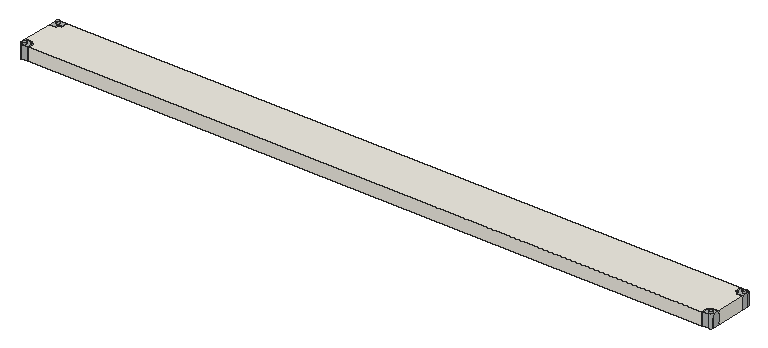
Revit family "HIGHTECH", category Осветительные приборы, Revit 2019 (continued)
Types (32, lengths in mm): name | Файл фотометрической сетки | built-in parameter 1150105 | Lumens | built-in parameter 1150106 | built-in parameter 1150142 | Wattage | Emit from Rectangle Width | Emit from Rectangle Length | Длина | Ширина | ADSK_Ток | ADSK_Полная мощность | ADSK_Обозначение | ADSK_Номинальная мощность | ADSK_Наименование | ADSK_Масса | ADSK_Код изделия
  Hightech-30/opal-sand 295х595 (IP54, 4000К, белый) c БАП на 3 часа | "Светильник HIGHTECH-30 OPAL-SAND-(295x595).IES" | 198.94 (stored number, unit not read) | 2500 lm | 1.9894 (stored number, unit not read) | "IESNA:LM-63-95\r\n[TEST] Протокол №80\r\n[DATA]26.06.2016\r\n[MORE] \r\n[MANUFAC] ЗАО \"Центрстройсвет\"\r\n[LUMCAT]  Светильник HIGHTECH-30/OPAL-SAND-(295x595)\r\n[LUMINAIRE]\r\n[LAMPCAT] Светодиоды\r\n[LAMP] Поток источника света (светодиодов) не известен\r\n[MORE] КСС приведена в абсолютных величинах кд\r\n[MORE] Вместо потока лампы, указан поток светильника.\r\nTILT=NONE\r\n1    2420 1.0 37 73 1 2 0.295 0.595 0.04\r\n1.0 1.0 28.9\r\n0.0 5.0 10.0 15.0 20.0 25.0 30.0 35.0 40.0 45.0 50.0 55.0 60.0 65.0 70.0 75.0 80.0 85.0 90.0 95.0 100.0 105.0 110.0 115.0 120.0 125.0 130.0 135.0 140.0 145.0 150.0 155.0 160.0 165.0 170.0 175.0 180.0\r\n0.0 5.0 10.0 15.0 20.0 25.0 30.0 35.0 40.0 45.0 50.0 55.0 60.0 65.0 70.0 75.0 80.0 85.0 90.0 95.0 100.0 105.0 110.0 115.0 120.0 125.0 130.0 135.0 140.0 145.0 150.0 155.0 160.0 165.0 170.0 175.0 180.0 185.0 190.0 195.0 200.0 205.0 210.0 215.0 220.0 225.0 230.0 235.0 240.0 245.0 250.0 255.0 260.0 265.0 270.0 275.0 280.0 285.0 290.0 295.0 300.0 305.0 310.0 315.0 320.0 325.0 330.0 335.0 340.0 345.0 350.0 355.0 360.0\r\n911.1 908.3 889.4 861.2 824.6 779.8 729.1 674.3 613.8 546.0 479.1 412.2 342.1 274.7 206.6 142.5 83.1 30.5 0.2 0.0 0.0 0.0 0.0 0.0 0.0 0.0 0.0 0.0 0.0 0.0 0.0 0.0 0.0 0.0 0.0 0.0 0.0\r\n911.1 908.3 890.4 862.2 826.0 781.2 730.0 673.5 610.8 545.9 478.1 412.0 343.0 274.6 207.5 142.8 83.4 31.1 0.3 0.0 0.0 0.0 0.0 0.0 0.0 0.0 0.0 0.0 0.0 0.0 0.0 0.0 0.0 0.0 0.0 0.0 0.0\r\n911.1 908.5 890.5 862.8 826.3 781.1 729.7 670.6 612.5 548.7 480.3 412.7 344.4 275.2 207.5 143.5 83.8 31.5 0.3 0.0 0.0 0.0 0.0 0.0 0.0 0.0 0.0 0.0 0.0 0.0 0.0 0.0 0.0 0.0 0.0 0.0 0.0\r\n911.1 909.2 889.7 860.5 825.1 782.3 731.0 672.5 613.1 547.3 478.2 411.8 342.9 275.2 208.3 143.7 83.9 31.8 0.3 0.0 0.0 0.0 0.0 0.0 0.0 0.0 0.0 0.0 0.0 0.0 0.0 0.0 0.0 0.0 0.0 0.0 0.0\r\n911.1 909.0 891.0 861.5 825.6 782.4 732.7 675.9 611.0 545.2 481.9 413.1 344.4 276.1 208.3 144.0 84.6 32.0 0.3 0.0 0.0 0.0 0.0 0.0 0.0 0.0 0.0 0.0 0.0 0.0 0.0 0.0 0.0 0.0 0.0 0.0 0.0\r\n911.1 908.9 890.1 863.3 826.9 783.2 729.2 673.9 611.8 547.8 480.9 414.1 343.8 275.8 208.6 144.4 85.0 32.4 0.3 0.0 0.0 0.0 0.0 0.0 0.0 0.0 0.0 0.0 0.0 0.0 0.0 0.0 0.0 0.0 0.0 0.0 0.0\r\n911.1 908.9 890.0 862.2 828.3 782.8 731.1 675.1 614.3 547.6 481.3 413.0 345.8 276.7 208.8 145.0 85.3 32.6 0.4 0.0 0.0 0.0 0.0 0.0 0.0 0.0 0.0 0.0 0.0 0.0 0.0 0.0 0.0 0.0 0.0 0.0 0.0\r\n911.1 908.5 891.5 865.2 825.7 780.8 732.5 674.6 615.0 551.3 482.1 414.1 345.1 277.4 208.6 145.5 85.5 33.2 0.5 0.0 0.0 0.0 0.0 0.0 0.0 0.0 0.0 0.0 0.0 0.0 0.0 0.0 0.0 0.0 0.0 0.0 0.0\r\n911.1 908.2 891.4 865.6 827.3 781.0 734.3 676.9 614.9 549.4 482.0 413.8 346.2 277.0 209.5 145.9 86.0 33.8 0.4 0.0 0.0 0.0 0.0 0.0 0.0 0.0 0.0 0.0 0.0 0.0 0.0 0.0 0.0 0.0 0.0 0.0 0.0\r\n911.1 908.7 891.0 864.3 829.6 784.0 732.9 673.2 614.9 550.2 484.5 414.8 346.4 277.8 210.5 146.4 87.2 33.9 0.6 0.0 0.0 0.0 0.0 0.0 0.0 0.0 0.0 0.0 0.0 0.0 0.0 0.0 0.0 0.0 0.0 0.0 0.0\r\n911.1 909.3 890.7 863.4 828.2 782.7 733.6 675.6 617.1 551.3 485.9 416.5 347.0 279.5 211.3 147.1 87.6 34.5 0.8 0.0 0.0 0.0 0.0 0.0 0.0 0.0 0.0 0.0 0.0 0.0 0.0 0.0 0.0 0.0 0.0 0.0 0.0\r\n911.1 908.7 892.5 864.0 829.2 784.2 733.3 676.9 615.6 551.9 484.7 416.9 348.3 279.6 211.6 148.3 88.1 35.0 0.9 0.0 0.0 0.0 0.0 0.0 0.0 0.0 0.0 0.0 0.0 0.0 0.0 0.0 0.0 0.0 0.0 0.0 0.0\r\n911.1 907.6 892.1 865.2 827.4 784.6 731.8 676.8 617.7 552.8 485.1 418.8 350.7 281.3 212.5 148.4 89.0 35.7 1.0 0.0 0.0 0.0 0.0 0.0 0.0 0.0 0.0 0.0 0.0 0.0 0.0 0.0 0.0 0.0 0.0 0.0 0.0\r\n911.1 907.1 892.1 864.5 830.2 788.3 733.6 677.4 617.3 552.0 487.9 420.8 349.8 281.3 213.4 149.2 89.9 36.2 1.3 0.0 0.0 0.0 0.0 0.0 0.0 0.0 0.0 0.0 0.0 0.0 0.0 0.0 0.0 0.0 0.0 0.0 0.0\r\n911.1 907.7 891.9 865.7 828.5 785.6 735.2 678.9 620.0 555.8 488.8 421.1 351.5 282.7 215.2 149.7 90.8 36.9 1.5 0.0 0.0 0.0 0.0 0.0 0.0 0.0 0.0 0.0 0.0 0.0 0.0 0.0 0.0 0.0 0.0 0.0 0.0\r\n911.1 907.8 891.0 864.8 830.1 786.1 738.7 679.4 616.5 556.6 490.6 420.2 352.4 284.5 215.4 151.3 91.1 37.6 1.5 0.0 0.0 0.0 0.0 0.0 0.0 0.0 0.0 0.0 0.0 0.0 0.0 0.0 0.0 0.0 0.0 0.0 0.0\r\n911.1 907.6 892.2 865.5 829.8 785.3 740.8 681.1 621.3 555.2 488.2 422.8 352.5 285.0 216.2 151.5 92.2 38.3 1.9 0.0 0.0 0.0 0.0 0.0 0.0 0.0 0.0 0.0 0.0 0.0 0.0 0.0 0.0 0.0 0.0 0.0 0.0\r\n911.1 907.4 892.1 866.1 829.8 787.6 737.3 681.4 621.4 556.0 491.1 422.7 354.9 284.7 217.1 152.4 93.0 39.4 2.0 0.0 0.0 0.0 0.0 0.0 0.0 0.0 0.0 0.0 0.0 0.0 0.0 0.0 0.0 0.0 0.0 0.0 0.0\r\n911.1 907.1 892.7 864.9 831.7 788.2 738.4 680.3 623.5 555.8 491.4 423.2 354.0 286.0 218.2 152.8 93.7 40.1 1.9 0.0 0.0 0.0 0.0 0.0 0.0 0.0 0.0 0.0 0.0 0.0 0.0 0.0 0.0 0.0 0.0 0.0 0.0\r\n911.1 907.4 892.3 867.6 830.6 789.2 737.9 683.1 622.5 558.1 492.5 424.4 355.9 287.7 219.1 154.3 94.7 40.4 2.5 0.0 0.0 0.0 0.0 0.0 0.0 0.0 0.0 0.0 0.0 0.0 0.0 0.0 0.0 0.0 0.0 0.0 0.0\r\n911.1 907.5 892.4 866.9 832.1 790.0 736.6 683.9 623.3 559.4 493.1 425.9 357.0 288.4 220.1 155.2 95.3 41.1 2.6 0.0 0.0 0.0 0.0 0.0 0.0 0.0 0.0 0.0 0.0 0.0 0.0 0.0 0.0 0.0 0.0 0.0 0.0\r\n911.1 906.9 893.0 866.2 832.9 789.5 740.6 686.4 622.6 558.9 494.6 425.2 357.7 289.6 220.8 156.1 95.8 41.9 2.6 0.0 0.0 0.0 0.0 0.0 0.0 0.0 0.0 0.0 0.0 0.0 0.0 0.0 0.0 0.0 0.0 0.0 0.0\r\n911.1 906.5 892.0 867.1 832.6 789.9 741.4 686.3 627.3 561.0 497.2 429.6 357.8 290.1 222.7 156.4 96.7 42.4 3.1 0.0 0.0 0.0 0.0 0.0 0.0 0.0 0.0 0.0 0.0 0.0 0.0 0.0 0.0 0.0 0.0 0.0 0.0\r\n911.1 906.8 892.3 868.3 834.8 789.8 739.1 686.9 625.0 562.3 496.2 428.6 359.5 290.7 222.5 158.0 97.5 42.6 3.4 0.0 0.0 0.0 0.0 0.0 0.0 0.0 0.0 0.0 0.0 0.0 0.0 0.0 0.0 0.0 0.0 0.0 0.0\r\n911.1 907.7 893.1 868.2 834.1 793.7 743.1 687.9 626.4 562.8 495.5 430.8 360.5 292.6 223.4 158.6 97.7 43.5 3.3 0.0 0.0 0.0 0.0 0.0 0.0 0.0 0.0 0.0 0.0 0.0 0.0 0.0 0.0 0.0 0.0 0.0 0.0\r\n911.1 908.2 893.8 868.2 835.6 793.6 743.3 688.3 626.0 564.5 498.1 431.2 361.0 293.4 224.3 158.9 98.6 44.0 3.5 0.0 0.0 0.0 0.0 0.0 0.0 0.0 0.0 0.0 0.0 0.0 0.0 0.0 0.0 0.0 0.0 0.0 0.0\r\n911.1 906.7 894.2 868.9 835.7 792.8 743.7 688.3 628.3 564.5 497.7 430.5 361.2 293.3 224.8 160.4 99.3 44.4 3.7 0.0 0.0 0.0 0.0 0.0 0.0 0.0 0.0 0.0 0.0 0.0 0.0 0.0 0.0 0.0 0.0 0.0 0.0\r\n911.1 906.5 894.7 867.9 834.7 795.0 744.2 689.6 630.1 566.4 499.6 431.8 363.0 294.1 225.6 160.8 100.0 45.1 3.6 0.0 0.0 0.0 0.0 0.0 0.0 0.0 0.0 0.0 0.0 0.0 0.0 0.0 0.0 0.0 0.0 0.0 0.0\r\n911.1 906.5 895.1 869.9 835.9 794.8 744.6 690.7 627.4 566.4 500.2 432.4 364.0 294.7 227.0 161.2 100.6 45.6 3.8 0.0 0.0 0.0 0.0 0.0 0.0 0.0 0.0 0.0 0.0 0.0 0.0 0.0 0.0 0.0 0.0 0.0 0.0\r\n911.1 906.1 895.4 869.1 835.9 794.7 746.0 689.6 630.7 566.6 499.6 432.7 363.1 295.7 227.9 161.9 100.9 46.3 4.0 0.0 0.0 0.0 0.0 0.0 0.0 0.0 0.0 0.0 0.0 0.0 0.0 0.0 0.0 0.0 0.0 0.0 0.0\r\n911.1 906.1 894.6 870.7 836.3 795.3 746.6 689.6 632.6 567.7 500.1 432.1 364.4 296.0 227.8 162.7 101.4 46.4 4.5 0.0 0.0 0.0 0.0 0.0 0.0 0.0 0.0 0.0 0.0 0.0 0.0 0.0 0.0 0.0 0.0 0.0 0.0\r\n911.1 906.3 895.6 868.8 835.5 793.2 745.3 690.7 630.8 568.5 500.6 433.3 364.7 295.8 227.5 162.6 101.3 46.8 4.6 0.0 0.0 0.0 0.0 0.0 0.0 0.0 0.0 0.0 0.0 0.0 0.0 0.0 0.0 0.0 0.0 0.0 0.0\r\n911.1 907.0 895.4 871.8 837.5 794.5 744.5 690.6 631.8 568.8 502.5 436.2 365.6 296.2 228.3 163.9 101.9 47.1 4.6 0.0 0.0 0.0 0.0 0.0 0.0 0.0 0.0 0.0 0.0 0.0 0.0 0.0 0.0 0.0 0.0 0.0 0.0\r\n911.1 907.6 895.4 871.8 839.2 796.0 747.1 690.6 629.6 567.5 501.4 434.5 365.7 297.2 228.8 163.4 102.4 47.5 4.6 0.0 0.0 0.0 0.0 0.0 0.0 0.0 0.0 0.0 0.0 0.0 0.0 0.0 0.0 0.0 0.0 0.0 0.0\r\n911.1 906.1 895.5 871.6 838.7 794.9 748.2 694.5 632.4 570.3 502.5 434.5 365.5 297.1 229.4 164.0 102.4 47.5 4.7 0.0 0.0 0.0 0.0 0.0 0.0 0.0 0.0 0.0 0.0 0.0 0.0 0.0 0.0 0.0 0.0 0.0 0.0\r\n911.1 904.8 895.9 869.8 836.7 797.2 747.1 691.9 633.4 569.5 503.4 435.1 366.2 298.1 229.3 163.6 102.3 47.2 4.3 0.0 0.0 0.0 0.0 0.0 0.0 0.0 0.0 0.0 0.0 0.0 0.0 0.0 0.0 0.0 0.0 0.0 0.0\r\n911.1 905.3 894.0 871.2 840.2 796.2 748.3 691.8 631.5 572.4 503.6 433.5 366.8 297.9 229.2 163.3 101.8 46.8 3.8 0.0 0.0 0.0 0.0 0.0 0.0 0.0 0.0 0.0 0.0 0.0 0.0 0.0 0.0 0.0 0.0 0.0 0.0\r\n911.1 906.0 894.9 870.9 837.1 795.0 745.7 693.0 630.8 569.0 503.7 436.4 366.4 297.7 229.8 163.4 101.8 46.5 3.4 0.0 0.0 0.0 0.0 0.0 0.0 0.0 0.0 0.0 0.0 0.0 0.0 0.0 0.0 0.0 0.0 0.0 0.0\r\n911.1 905.6 893.6 871.4 839.9 797.6 749.1 691.5 633.0 570.8 502.5 434.8 366.1 296.6 228.5 162.8 101.0 46.0 2.9 0.0 0.0 0.0 0.0 0.0 0.0 0.0 0.0 0.0 0.0 0.0 0.0 0.0 0.0 0.0 0.0 0.0 0.0\r\n911.1 905.5 894.6 871.9 838.0 794.6 747.0 692.0 634.0 569.3 502.9 435.5 366.8 296.4 228.8 163.2 101.1 46.1 2.8 0.0 0.0 0.0 0.0 0.0 0.0 0.0 0.0 0.0 0.0 0.0 0.0 0.0 0.0 0.0 0.0 0.0 0.0\r\n911.1 906.2 893.1 871.0 837.2 796.8 749.0 694.0 633.1 569.5 503.5 436.7 366.4 297.6 228.4 162.6 101.3 45.7 2.8 0.0 0.0 0.0 0.0 0.0 0.0 0.0 0.0 0.0 0.0 0.0 0.0 0.0 0.0 0.0 0.0 0.0 0.0\r\n911.1 905.4 893.6 869.9 837.0 796.8 747.6 692.4 634.5 568.4 503.4 433.2 365.8 296.2 227.1 162.3 100.7 45.6 2.7 0.0 0.0 0.0 0.0 0.0 0.0 0.0 0.0 0.0 0.0 0.0 0.0 0.0 0.0 0.0 0.0 0.0 0.0\r\n911.1 905.2 893.1 870.9 837.6 799.4 749.7 694.6 632.4 569.7 501.2 433.7 366.5 296.3 227.6 162.0 100.7 45.2 2.6 0.0 0.0 0.0 0.0 0.0 0.0 0.0 0.0 0.0 0.0 0.0 0.0 0.0 0.0 0.0 0.0 0.0 0.0\r\n911.1 905.6 892.8 867.9 836.3 795.3 747.6 693.8 632.3 568.8 503.5 433.9 364.4 295.4 227.4 162.1 100.2 45.0 2.6 0.0 0.0 0.0 0.0 0.0 0.0 0.0 0.0 0.0 0.0 0.0 0.0 0.0 0.0 0.0 0.0 0.0 0.0\r\n911.1 906.0 891.2 869.4 838.7 796.6 744.5 691.3 630.5 568.4 500.5 432.6 364.8 294.7 226.6 161.5 99.4 44.6 2.4 0.0 0.0 0.0 0.0 0.0 0.0 0.0 0.0 0.0 0.0 0.0 0.0 0.0 0.0 0.0 0.0 0.0 0.0\r\n911.1 906.3 892.3 868.8 836.4 794.7 746.4 690.6 628.4 567.4 501.0 433.5 364.4 294.7 226.3 161.5 99.1 44.1 2.3 0.0 0.0 0.0 0.0 0.0 0.0 0.0 0.0 0.0 0.0 0.0 0.0 0.0 0.0 0.0 0.0 0.0 0.0\r\n911.1 906.1 891.2 870.3 836.5 796.5 746.5 691.1 630.2 565.4 501.0 432.5 361.6 293.6 224.8 160.3 98.9 43.7 2.2 0.0 0.0 0.0 0.0 0.0 0.0 0.0 0.0 0.0 0.0 0.0 0.0 0.0 0.0 0.0 0.0 0.0 0.0\r\n911.1 906.7 892.3 869.5 834.4 794.2 744.3 688.5 631.3 567.2 500.0 431.6 362.1 292.6 224.4 159.4 98.3 43.1 2.1 0.0 0.0 0.0 0.0 0.0 0.0 0.0 0.0 0.0 0.0 0.0 0.0 0.0 0.0 0.0 0.0 0.0 0.0\r\n911.1 906.3 891.7 869.3 838.3 794.6 745.1 687.7 632.2 566.3 497.6 429.3 361.9 293.2 223.9 158.7 97.6 42.4 1.9 0.0 0.0 0.0 0.0 0.0 0.0 0.0 0.0 0.0 0.0 0.0 0.0 0.0 0.0 0.0 0.0 0.0 0.0\r\n911.1 906.6 891.2 870.7 835.8 791.7 742.2 688.7 628.2 564.3 497.8 429.8 361.0 291.5 223.5 157.7 97.3 42.0 1.8 0.0 0.0 0.0 0.0 0.0 0.0 0.0 0.0 0.0 0.0 0.0 0.0 0.0 0.0 0.0 0.0 0.0 0.0\r\n911.1 906.1 891.3 868.6 834.6 791.7 744.4 685.8 625.4 562.6 496.6 428.8 360.1 290.5 222.4 157.1 96.1 41.3 1.7 0.0 0.0 0.0 0.0 0.0 0.0 0.0 0.0 0.0 0.0 0.0 0.0 0.0 0.0 0.0 0.0 0.0 0.0\r\n911.1 905.2 892.6 868.1 835.0 791.5 742.2 686.7 625.4 563.1 497.3 427.9 358.4 290.7 221.2 155.8 95.6 40.8 1.5 0.0 0.0 0.0 0.0 0.0 0.0 0.0 0.0 0.0 0.0 0.0 0.0 0.0 0.0 0.0 0.0 0.0 0.0\r\n911.1 905.3 892.8 868.0 833.0 791.3 744.3 685.1 623.6 560.5 492.9 426.5 357.2 288.9 220.3 154.7 94.8 40.1 1.3 0.0 0.0 0.0 0.0 0.0 0.0 0.0 0.0 0.0 0.0 0.0 0.0 0.0 0.0 0.0 0.0 0.0 0.0\r\n911.1 906.6 890.8 868.3 833.0 790.4 741.1 685.4 624.1 560.7 492.9 424.1 356.4 288.9 219.7 154.0 93.5 39.4 1.2 0.0 0.0 0.0 0.0 0.0 0.0 0.0 0.0 0.0 0.0 0.0 0.0 0.0 0.0 0.0 0.0 0.0 0.0\r\n911.1 907.4 891.8 866.4 833.1 790.2 739.5 683.6 621.7 561.4 494.4 424.6 356.0 287.1 219.0 153.3 92.5 38.6 1.1 0.0 0.0 0.0 0.0 0.0 0.0 0.0 0.0 0.0 0.0 0.0 0.0 0.0 0.0 0.0 0.0 0.0 0.0\r\n911.1 907.0 891.7 867.9 832.2 788.0 736.3 683.3 623.7 556.4 492.1 424.3 353.3 286.6 217.1 152.4 91.9 37.8 0.8 0.0 0.0 0.0 0.0 0.0 0.0 0.0 0.0 0.0 0.0 0.0 0.0 0.0 0.0 0.0 0.0 0.0 0.0\r\n911.1 906.8 892.1 865.5 829.5 787.9 737.3 680.4 618.9 555.6 491.7 423.2 353.3 284.2 216.2 151.5 91.3 37.0 0.7 0.0 0.0 0.0 0.0 0.0 0.0 0.0 0.0 0.0 0.0 0.0 0.0 0.0 0.0 0.0 0.0 0.0 0.0\r\n911.1 906.0 890.4 864.7 830.5 788.2 737.8 682.0 618.5 554.8 489.2 421.0 352.5 282.8 214.0 149.9 90.1 36.6 0.6 0.0 0.0 0.0 0.0 0.0 0.0 0.0 0.0 0.0 0.0 0.0 0.0 0.0 0.0 0.0 0.0 0.0 0.0\r\n911.1 905.1 891.5 865.2 828.0 784.8 738.1 677.5 619.3 553.0 488.5 419.0 350.1 282.1 214.0 149.5 89.3 35.6 0.4 0.0 0.0 0.0 0.0 0.0 0.0 0.0 0.0 0.0 0.0 0.0 0.0 0.0 0.0 0.0 0.0 0.0 0.0\r\n911.1 906.0 891.6 863.4 826.4 784.8 735.2 679.4 616.1 553.3 487.5 418.1 349.5 281.2 213.4 148.4 88.5 34.8 0.3 0.0 0.0 0.0 0.0 0.0 0.0 0.0 0.0 0.0 0.0 0.0 0.0 0.0 0.0 0.0 0.0 0.0 0.0\r\n911.1 906.8 890.4 864.5 828.0 784.0 735.1 678.8 616.8 551.9 484.6 417.7 349.7 279.3 211.1 147.6 87.7 34.2 0.3 0.0 0.0 0.0 0.0 0.0 0.0 0.0 0.0 0.0 0.0 0.0 0.0 0.0 0.0 0.0 0.0 0.0 0.0\r\n911.1 907.5 888.8 862.0 826.9 780.2 732.3 675.0 614.9 551.2 485.3 416.4 346.6 278.8 211.6 146.2 86.7 33.6 0.2 0.0 0.0 0.0 0.0 0.0 0.0 0.0 0.0 0.0 0.0 0.0 0.0 0.0 0.0 0.0 0.0 0.0 0.0\r\n911.1 907.5 889.7 863.2 826.6 785.1 732.2 672.0 614.2 551.3 484.5 416.7 346.2 277.6 210.1 145.9 85.8 32.8 0.2 0.0 0.0 0.0 0.0 0.0 0.0 0.0 0.0 0.0 0.0 0.0 0.0 0.0 0.0 0.0 0.0 0.0 0.0\r\n911.1 907.3 890.1 863.9 825.1 780.0 730.7 678.4 612.1 549.9 481.9 414.5 344.9 276.9 209.3 145.1 85.2 32.3 0.1 0.0 0.0 0.0 0.0 0.0 0.0 0.0 0.0 0.0 0.0 0.0 0.0 0.0 0.0 0.0 0.0 0.0 0.0\r\n911.1 908.5 889.1 862.4 825.5 781.7 731.2 672.6 612.0 547.6 482.4 413.8 345.8 275.4 208.5 144.0 84.8 31.6 0.1 0.0 0.0 0.0 0.0 0.0 0.0 0.0 0.0 0.0 0.0 0.0 0.0 0.0 0.0 0.0 0.0 0.0 0.0\r\n911.1 908.0 889.3 861.7 824.9 780.9 731.0 672.8 611.9 545.5 481.0 411.8 343.3 274.8 207.7 143.4 84.0 31.2 0.1 0.0 0.0 0.0 0.0 0.0 0.0 0.0 0.0 0.0 0.0 0.0 0.0 0.0 0.0 0.0 0.0 0.0 0.0\r\n911.1 906.5 887.9 861.2 824.2 781.5 729.8 672.2 609.7 547.2 479.7 411.1 343.5 274.5 206.8 143.2 83.6 30.7 0.1 0.0 0.0 0.0 0.0 0.0 0.0 0.0 0.0 0.0 0.0 0.0 0.0 0.0 0.0 0.0 0.0 0.0 0.0\r\n911.1 906.8 888.0 859.9 826.4 781.3 727.9 671.1 610.9 546.9 478.6 411.5 342.5 274.4 207.1 142.8 83.0 30.3 0.1 0.0 0.0 0.0 0.0 0.0 0.0 0.0 0.0 0.0 0.0 0.0 0.0 0.0 0.0 0.0 0.0 0.0 0.0\r\n911.1 907.2 889.6 859.4 824.1 778.8 730.0 672.0 610.3 544.9 478.2 410.6 341.6 274.5 206.3 141.9 82.8 30.0 0.1 0.0 0.0 0.0 0.0 0.0 0.0 0.0 0.0 0.0 0.0 0.0 0.0 0.0 0.0 0.0 0.0 0.0 0.0\r\n911.1 908.0 888.9 861.7 823.7 778.6 726.6 673.0 609.3 546.3 478.0 409.7 341.7 273.2 206.1 141.7 82.2 29.9 0.0 0.0 0.0 0.0 0.0 0.0 0.0 0.0 0.0 0.0 0.0 0.0 0.0 0.0 0.0 0.0 0.0 0.0 0.0\r\n911.1 908.5 889.0 862.2 823.5 778.2 729.5 669.6 608.8 545.8 478.2 411.0 340.7 272.7 206.2 142.0 82.2 29.8 0.1 0.0 0.0 0.0 0.0 0.0 0.0 0.0 0.0 0.0 0.0 0.0 0.0 0.0 0.0 0.0 0.0 0.0 0.0\r\n911.1 908.3 889.7 863.3 826.0 781.1 728.4 671.9 608.5 545.7 478.5 410.8 342.7 273.4 205.7 141.8 82.4 30.1 0.2 0.0 0.0 0.0 0.0 0.0 0.0 0.0 0.0 0.0 0.0 0.0 0.0 0.0 0.0 0.0 0.0 0.0 0.0\r\n911.1 908.3 889.4 861.2 824.6 779.8 729.1 674.3 613.8 546.0 479.1 412.2 342.1 274.7 206.6 142.5 83.1 30.5 0.2 0.0 0.0 0.0 0.0 0.0 0.0 0.0 0.0 0.0 0.0 0.0 0.0 0.0 0.0 0.0 0.0 0.0 0.0\r\n" | 16.8303 W | 255 | 555 | 595 | 295 | 0.141777 A | 32.6087 VA | "Hightech-30/opal-sand 295х595 (IP54, 4000К, белый)" | 30 W | "Универсальный светодиодный светильник Hightech-30/opal-sand 295х595 (IP54, 4000К, белый) c БАП на 3 час" | 1.4 | "ЦБ000007585"
